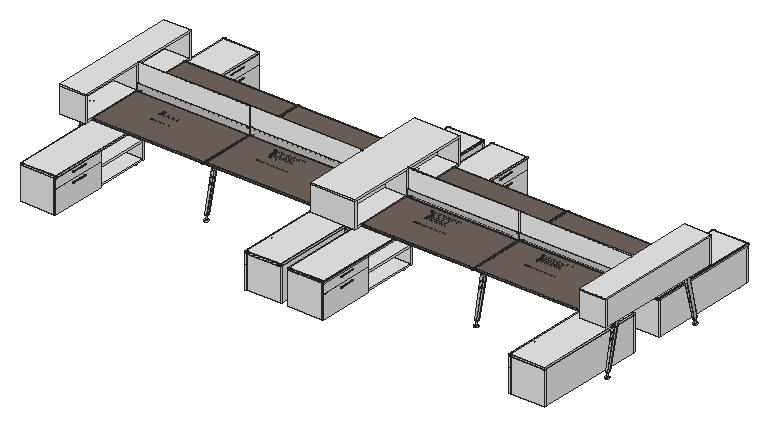
Revit family "T200005", category Furniture, Revit 2015 (continued)
Definition of nested family "OFS_ELEVEN-WORKSPACE_BASES_BENCHING_8-PERSON"
  Definition of nested family "ELEVEN LEG"
    Forms (in)
      Extrusion 6, void
        sketch origin (0.03133, -0.5721, -1.27124) x (0.99863, 0.052336, 0) y (-0.010881, 0.207627, 0.978148)
          loop
            line (-0.99645, 2.45043) -> (-1.05658, 2.45043) -> (-1.05658, 2.21851) -> (-0.84012, 2.21851) -> (-0.84012, 2.2941)
        from 6.35623 to 8.07576
      Sweep 7, void
        path origin (1.02082, 0.02558, 0.06147) x (0.052336, 0.99863, 0) y (0, 0, -1)
          loop
            line (-7.73773, -2.3968) -> (-2.45457, -26.00456)
            arc (-2.45457, -26.00456) -> (-1.80777, -27.08547) -> (-0.64436, -27.56837) r 2.00785
            line (-0.64436, -27.56837) -> (0.10564, -27.56837)
        profile origin (0.75411, -5.06358, 14.26215) x (0.051073, 0.974525, -0.218387) y (-0.99863, 0.052336, 0)
          loop
            arc (0.08078, -0.00953) -> (0.0083, 0.03665) -> (-0.03788, 0.10913) r 0.19851
            line (-0.03788, 0.10913) -> (-0.03788, -0.00953) -> (0.08078, -0.00953)
      Sweep 8, void
        path origin (0.98379, -0.00999, 0.06266) x (0.052336, 0.99863, 0) y (0, 0, -1)
          loop
            line (0.07702, -25.70884) -> (-0.39424, -25.70884)
            arc (-0.39424, -25.70884) -> (-0.73077, -25.582) -> (-0.93435, -25.28553) r 0.60014
            line (-0.93435, -25.28553) -> (-6.60947, -2.12206)
        profile origin (0.97549, -0.16838, 25.7715) x (0, 0, 1) y (-0.99863, 0.052336, 0)
          loop
            line (-0.04805, -0.04527) -> (0.11311, -0.04527) -> (0.11311, -0.0145)
            arc (0.11311, -0.0145) -> (0.02138, 0.02536) -> (-0.0146, 0.11869) r 0.1295
            line (-0.0146, 0.11869) -> (-0.04805, 0.11869) -> (-0.04805, -0.04527)
      Extrusion 9, void
        sketch origin (-0.03133, -0.5721, -1.27124) x (-0.99863, 0.052336, 0) y (-0.010881, -0.207627, -0.978148)
          loop
            line (-0.84012, -2.2941) -> (-0.84012, -2.21851) -> (-1.05658, -2.21851) -> (-1.05658, -2.45043) -> (-0.99645, -2.45043)
            arc (-0.99645, -2.45043) -> (-0.95067, -2.33989) -> (-0.84012, -2.2941) r 0.15633
        from 6.35623 to 8.07576
      Revolve 10, solid
        sketch origin (0, 1.76013, -1.54718) x (0, 0.976296, -0.21644) y (0, 0.21644, 0.976296)
          loop
            line (-9.54467, -0.04032) -> (-9.46499, -0.04032) -> (-9.22467, 0.2) -> (-9.22467, 2.01059) -> (-9.54467, 2.01059) -> (-9.54467, -0.04032)
          axis (-9.54467, 2.01059) -> (-9.54467, -0.04032)
        angle from 0 to 360
      Revolve 11, solid
        sketch origin (0, -9.99377, 0) x (0, 1, 0) y (0, 0, 1)
          loop
            line (2.39009, 0.51212) -> (2.12518, 0.51212) -> (2.10358, 0.25657) -> (2.06791, 0.2209) -> (1.36379, 0.07702) -> (1.32819, 0) -> (2.39009, 0) -> (2.39009, 0.51212)
          axis (2.39009, 0.51212) -> (2.39009, 0)
        angle from 0 to 360
      Extrusion 12, void
        sketch origin (-0.98432, 0, 0.07266) x (0, 1, 0) y (0, 0, 1)
          loop
            arc (-4.44434, 15.76077) -> (-4.39071, 13.76854) -> (-4.11245, 11.79511) r 17.62049
            line (-4.11245, 11.79511) -> (-0.50687, 25.63593) -> (-1.15744, 25.63593)
            arc (-1.15744, 25.63593) -> (-2.00412, 25.32511) -> (-2.47781, 24.55759) r 1.37956
            line (-2.47781, 24.55759) -> (-4.44434, 15.76077)
        from 0.4065 to 1.56213
    Cuts and joins
      Sweep 2, Extrusion 3, Sweep 4, Sweep 5, Extrusion 6, Sweep 7, Sweep 8, Extrusion 9, Extrusion 12 cuts Extrusion 1
    Dimensions and locks (in)
      aligned and locked: plane 2 to level
Definition of nested family "OFS_ELEVEN-WORKSPACE_FLOOR_STORAGE_B-F_LEFT_OPEN_FSL"
  Parameters (values of type "ELEVEN-WRKSPC_ENW-4819FSL_FLOOR_STORAGE_B-F_LEFT_OPEN")
    11 FLR STRG BOX = none
    11 FLR STRG PULL = none
    11 FLR STRG FILE = none
    11 FLR STRG FIN = none
    URL = "http://www.ofs.com/products/benching/eleven_work_space"
    PED WIDTH = 24"
    MODEL NUMBER = "ENW-4819FSL"
    ENVIRONMENTAL = "http://www.ofs.com/about/environment"
    Model = ""
    Manufacturer = "OFS-ELEVEN WORKSPACE"
    MANUFACTURERS' CODE = "OFS"
    Description = "ELEVEN WORKSPACE FLOOR STORAGE BOX/FILE/OPEN 48 X 19"
    CABINET WIDTH = 48"
    CATALOG CODE = "OFB"
    Assembly Code = ""
  Types (3): name | PED WIDTH | MODEL NUMBER | Description | CABINET WIDTH
    ELEVEN-WRKSPC_ENW-3619FSL_FLOOR_STORAGE_B-F_LEFT_OPEN | 15 5/8" | "ENW-3619FSL" | "ELEVEN WORKSPACE FLOOR STORAGE BOX/FILE/OPEN 36 X 19" | 36"
    ELEVEN-WRKSPC_ENW-4819FSL_FLOOR_STORAGE_B-F_LEFT_OPEN | 24" | "ENW-4819FSL" | "ELEVEN WORKSPACE FLOOR STORAGE BOX/FILE/OPEN 48 X 19" | 48"
    ELEVEN-WRKSPC_ENW-6019FSL_FLOOR_STORAGE_B-F_LEFT_OPEN | 30" | "ENW-6019FSL" | "ELEVEN WORKSPACE FLOOR STORAGE BOX/FILE/OPEN 60 X 19" | 60"
  Reference planes (in)
    plane 1: z = 0
    plane 2 "Center Left/Right": x = 0
    plane 3 "Left": x = -24
    plane 4 "Right": x = 24
    plane 5 "CENTER FRONT/BACK": y = 1.62535
    plane 6 "PED BOTTOM": z = 2
    plane 7 "PED TOP": z = 20.563
    plane 8: y = 11.12535
    plane 9: y = -7.87465
    plane 10: z = 19.5
    plane 11: x = -23.875
    plane 12: y = -7.74965
    plane 13: x = 23.875
    plane 14: y = -6.99965
    plane 15: y = 10.37535
    plane 16: z = 19.375
    plane 17: z = 14.375
    plane 18: x = -0.063
    plane 19: z = 11.563
    plane 20: z = 14.25
    plane 21: x = -12.0315
    plane 22: z = 0.5
    plane 23: y = 9.62585
    plane 24: y = -5.50015
    plane 25: x = 20.875
    plane 26: x = -20.875
    plane 27: x = 0
  Forms (in)
    Extrusion 1, solid, material <- "11 FLR STRG FIN"
      sketch origin (0, 0, 2) x (-1, 0, 0) y (0, -1, 0)
        loop
          line (24, 6.99965) -> (23.25, 6.99965) -> (23.25, -11.12535) -> (24, -11.12535) -> (24, 6.99965)
      from 0 to 17.5
    Extrusion 2, solid, material <- "11 FLR STRG FIN"
      sketch origin (23, 0, 2) x (-1, 0, 0) y (0, -1, 0)
        loop
          line (-0.25, 6.99965) -> (-1, 6.99965) -> (-1, -11.12535) -> (-0.25, -11.12535) -> (-0.25, 6.99965)
      from 0 to 17.5
    Extrusion 3, solid, material <- "11 FLR STRG FIN"
      sketch origin (0, 0, -14.13) x (0, 1, 0) y (0, 0, 1)
        loop
          line (10.37535, 16.13) -> (10.37535, 16.88) -> (-6.99965, 16.88) -> (-6.99965, 16.13) -> (10.37535, 16.13)
      from -23.25 to 23.25
    Extrusion 4, solid, material <- "11 FLR STRG FIN"
      sketch origin (0, 0, -3.13) x (0, 1, 0) y (0, 0, 1)
        loop
          line (11.00035, 22.63) -> (11.00035, 23.693) -> (-7.74965, 23.693) -> (-7.74965, 22.63) -> (11.00035, 22.63)
      from -23.875 to 23.875
    Extrusion 5, solid, material <- "11 FLR STRG FIN"
      sketch origin (0.46388, 8.3757, 2) x (1, 0, 0) y (0, 1, 0)
        loop
          line (22.78612, 1.99965) -> (22.78612, 2.74965) -> (-23.71388, 2.74965) -> (-23.71388, 1.99965) -> (22.78612, 1.99965)
      from 0 to 17.5
    Sweep 6, solid, material <- "11 FLR STRG FIN"
      path origin (0, 0, 20.563) x (-1, 0, 0) y (0, -1, 0)
        loop
          line (23.875, -11.00035) -> (23.875, 7.74965) -> (-23.875, 7.74965) -> (-23.875, -11.00035) -> (23.875, -11.00035)
      profile origin (-23.875, 1.62535, 20.563) x (1, 0, 0) y (0, 0, 1)
        loop
          line (0, -1.063) -> (0, 0)
          arc (0, 0) -> (-0.08839, -0.03661) -> (-0.125, -0.125) r 0.125
          line (-0.125, -0.125) -> (-0.125, -0.938)
          arc (-0.125, -0.938) -> (-0.08839, -1.02639) -> (0, -1.063) r 0.125
    Extrusion 7, solid, material <- "11 FLR STRG BOX"
      sketch origin (0.46388, -11.3743, 2) x (1, 0, 0) y (0, 1, 0)
        loop
          line (-0.52688, 3.62465) -> (-0.52688, 4.37465) -> (-24.46388, 4.37465) -> (-24.46388, 3.62465) -> (-0.52688, 3.62465)
      from 12.375 to 17.375
    Extrusion 8, solid, material <- "11 FLR STRG FIN"
      sketch origin (-8.25, 0, 2) x (-1, 0, 0) y (0, -1, 0)
        loop
          line (-7.5, 6.99965) -> (-8.25, 6.99965) -> (-8.25, -10.37535) -> (-7.5, -10.37535) -> (-7.5, 6.99965)
      from 0.75 to 17.5
    Extrusion 9, solid, material <- "11 FLR STRG FILE"
      sketch origin (3.33736, -11.3743, 1.625) x (1, 0, 0) y (0, 1, 0)
        loop
          line (-3.40036, 3.62465) -> (-3.40036, 4.37465) -> (-27.33736, 4.37465) -> (-27.33736, 3.62465) -> (-3.40036, 3.62465)
      from 0.375 to 12.625
    Extrusion 10, solid, material <- "11 FLR STRG FIN"
      sketch origin (0, 0, -5.38) x (0, 1, 0) y (0, 0, 1)
        loop
          line (10.37535, 16.193) -> (10.37535, 16.943) -> (-6.99965, 16.943) -> (-6.99965, 16.193) -> (10.37535, 16.193)
      from 0 to 23.25
    Extrusion 11, solid, material <- "11 FLR STRG FIN"
      sketch origin (0, 0.4375, 0) x (1, 0, 0) y (0, 1, 0)
        loop
          line (-20.875, 9.18835) -> (-20.875, -5.93765) -> (-19.875, -5.93765) -> (-19.875, 9.18835) -> (-20.875, 9.18835)
      from 0.5 to 2
    Extrusion 12, solid, material <- "11 FLR STRG FIN"
      sketch origin (38.5, 0.4375, 0) x (1, 0, 0) y (0, 1, 0)
        loop
          line (-18.625, 9.18835) -> (-18.625, -5.93765) -> (-17.625, -5.93765) -> (-17.625, 9.18835) -> (-18.625, 9.18835)
      from 0.5 to 2
    Extrusion 13, solid, material <- "11 FLR STRG FIN"
      sketch origin (-9.37535, -18.43715, 0) x (0, -1, 0) y (1, 0, 0)
        loop
          line (-21, 29.25035) -> (-21, -10.49965) -> (-20, -10.49965) -> (-20, 29.25035) -> (-21, 29.25035)
      from 0.5 to 2
    Extrusion 14, solid
      sketch origin (0, 0.4375, 0) x (1, 0, 0) y (0, 1, 0)
        loop
          circle (-20.375, 7.18835) r 0.375
      from 0 to 0.5
    Extrusion 15, solid
      sketch origin (0, 3.6882, 0) x (1, 0, 0) y (0, 1, 0)
        loop
          circle (-20.375, -7.18835) r 0.375
      from 0 to 0.5
    Extrusion 16, solid
      sketch origin (0, 0.4375, 0) x (-1, 0, 0) y (0, -1, 0)
        loop
          circle (-20.375, -7.18835) r 0.375
      from 0 to 0.5
    Extrusion 17, solid
      sketch origin (0, 3.6882, 0) x (-1, 0, 0) y (0, -1, 0)
        loop
          circle (-20.375, 7.18835) r 0.375
      from 0 to 0.5
  Lines and regions (in)
    Masking region 1
      outline origin (0, 0, 2) x (-1, 0, 0) y (0, -1, 0)
        loop
          line (24, -11.12535) -> (24, 7.87465) -> (-24, 7.87465) -> (-24, -11.12535) -> (24, -11.12535)
    Masking region 2
      outline origin (0, 0, 0) x (1, 0, 0) y (0, 1, 0)
        loop
          line (-8.03575, -7.87465) -> (-16.02725, -7.87465) -> (-16.02725, -8.51453)
          arc (-16.02725, -8.51453) -> (-16.01178, -8.55189) -> (-15.97442, -8.56736) r 0.05283
          line (-15.97442, -8.56736) -> (-8.08858, -8.56736)
          arc (-8.08858, -8.56736) -> (-8.05122, -8.55189) -> (-8.03575, -8.51453) r 0.05283
          line (-8.03575, -8.51453) -> (-8.03575, -7.87465)
  Dimensions and locks (in)
    "CABINET WIDTH": plane 3 "Left" to plane 4 "Right"
    locked: plane 7 "PED TOP" to plane 6 "PED BOTTOM" at 18.563
    equal spacing: plane 9, plane 5 "CENTER FRONT/BACK", plane 8, locked at 9.5 each
    locked: Extrusion 3 sketch curve to Extrusion 3 sketch curve at 0.75
    locked: Extrusion 1 sketch curve to Extrusion 1 sketch curve at 0.75
    locked: plane 9 to plane 8 at 19
    locked: Extrusion 5 sketch curve to Extrusion 5 sketch curve at 0.75
    locked: Extrusion 2 sketch curve to Extrusion 2 sketch curve at 0.75
    plane 14 to plane 12 to plane 9 = 3/4" locked, 1/8" locked
    locked: Extrusion 7 sketch curve to Extrusion 7 sketch curve at 0.75
    locked: plane 15 to plane 8 at 0.75
    locked: Extrusion 8 sketch curve to Extrusion 8 sketch curve at 0.75
    locked: Extrusion 9 sketch curve to Extrusion 9 sketch curve at 0.75
    locked: Extrusion 10 sketch curve to Extrusion 10 sketch curve at 0.75
    equal spacing: plane 3 "Left", plane 21, plane 18
    plane 6 "PED BOTTOM" to plane 22 to plane 1 = 1 1/2" locked, 1/2" locked
    plane 25 to plane 13 to plane 4 "Right" = 3" locked, 1/8" locked
    plane 3 "Left" to plane 11 to plane 26 = 1/8" locked, 3" locked
    locked: Extrusion 11 sketch curve to Extrusion 11 sketch curve at 1
    locked: Extrusion 12 sketch curve to Extrusion 12 sketch curve at 1
    locked: Extrusion 13 sketch curve to Extrusion 13 sketch curve at 1
    plane 7 "PED TOP" to plane 10 to plane 16 to plane 17 to plane 20 to plane 19 = 1.063" locked, 1/8" locked, 5" locked, 1/8" locked, 2.687" locked
    locked: plane 18 to plane 27 at 0.063
    "PED WIDTH": plane 3 "Left" to plane 27
    Masking region 2 sketch curve to plane 21 to Masking region 2 sketch curve = 3.99575" locked, 3.99575" locked
    plane 3 "Left" to plane 27 to plane 4 "Right" = 24", 24"
    plane 23 to plane 5 "CENTER FRONT/BACK" to plane 24 = 8.0005" locked, 7.1255" locked
    aligned and locked: level to plane 1
    aligned and locked: plane 4 "Right" to Extrusion 2
    aligned and locked: Extrusion 1 to plane 3 "Left"
    aligned and locked: Masking region 1 to plane 9
    aligned and locked: Extrusion 1 to Extrusion 2
    aligned and locked: Extrusion 4 to plane 10
    aligned and locked: plane 10 to Extrusion 1
    aligned and locked: Extrusion 3 to Extrusion 1
    aligned and locked: Extrusion 4 to plane 12
    aligned and locked: Extrusion 4 to plane 11
    aligned and locked: Extrusion 4 to plane 13
    aligned and locked: Extrusion 7 to plane 12
    aligned and locked: Extrusion 7 to plane 3 "Left"
    aligned and locked: Extrusion 1 to plane 14
    aligned and locked: Extrusion 2 to plane 14
    aligned and locked: Extrusion 3 to plane 14
    aligned and locked: Extrusion 5 to plane 6 "PED BOTTOM"
    aligned and locked: plane 10 to Extrusion 5
    aligned and locked: Extrusion 1 to plane 8
    aligned and locked: Extrusion 2 to plane 8
    aligned and locked: Extrusion 3 to plane 15
    aligned and locked: Extrusion 5 to Extrusion 1
    aligned and locked: Extrusion 5 to Extrusion 2
    aligned and locked: Extrusion 9 to plane 3 "Left"
    aligned and locked: Extrusion 8 to plane 15
    aligned and locked: Extrusion 3 to Extrusion 2
    aligned and locked: plane 18 to Extrusion 7
    aligned and locked: plane 18 to Extrusion 9
    aligned and locked: plane 19 to Extrusion 10
    aligned and locked: plane 16 to Extrusion 7
    aligned and locked: Extrusion 7 to plane 17
    aligned and locked: plane 20 to Extrusion 9
    aligned and locked: plane 10 to Extrusion 8
    aligned and locked: Extrusion 8 to Extrusion 3
    aligned and locked: Extrusion 10 to Extrusion 2
    aligned and locked: plane 6 "PED BOTTOM" to Extrusion 11
    aligned and locked: Extrusion 11 to plane 22
    aligned and locked: plane 25 to Extrusion 12
    aligned and locked: Extrusion 13 to Extrusion 11
    aligned and locked: Extrusion 13 to Extrusion 12
    aligned and locked: plane 22 to Extrusion 14
    aligned and locked: plane 27 to Extrusion 8
    aligned and locked: Extrusion 10 to plane 27
    aligned and locked: plane 6 "PED BOTTOM" to Extrusion 12
    aligned and locked: plane 6 "PED BOTTOM" to Extrusion 13
    aligned and locked: Extrusion 12 to plane 22
    aligned and locked: Extrusion 13 to plane 22
    aligned and locked: plane 22 to Extrusion 16
    aligned and locked: plane 22 to Extrusion 15
    aligned and locked: plane 22 to Extrusion 17
    aligned and locked: Extrusion 9 to plane 6 "PED BOTTOM"
    aligned and locked: plane 21 to nested 1
    aligned and locked: Masking region 2 sketch curve to plane 9
    aligned and locked: nested 1 to plane 12
    aligned and locked: nested 2 to plane 12
    aligned and locked: plane 21 to nested 2
  Automatic sketch dimensions
    Extrusion 1 sketch curve to plane 14 = 0"
    plane 8 to Extrusion 1 sketch curve = 0"
    Extrusion 1 sketch curve to plane 3 "Left" = 0"
    Extrusion 2 sketch curve to plane 4 "Right" = 0"
    plane 8 to Extrusion 2 sketch curve = 0"
    Extrusion 2 sketch curve to plane 14 = 0"
    Masking region 1 sketch curve to plane 4 "Right" = 0"
    Masking region 1 sketch curve to plane 9 = 0"
    Masking region 1 sketch curve to plane 3 "Left" = 0"
    plane 8 to Masking region 1 sketch curve = 0"
    Extrusion 3 sketch curve to plane 6 "PED BOTTOM" = 0"
    Extrusion 3 sketch curve to plane 14 = 0"
    Extrusion 3 sketch curve to plane 15 = 0"
    Extrusion 4 sketch curve to plane 10 = 0"
    Extrusion 4 sketch curve to plane 12 = 0"
    Extrusion 4 sketch curve to plane 7 "PED TOP" = 0"
    plane 8 to Extrusion 4 sketch curve = 1/8"
    plane 15 to Extrusion 5 sketch curve = 0"
    plane 11 to Extrusion 5 sketch curve = 5/8"
    plane 13 to Extrusion 5 sketch curve = 5/8"
    Sweep 6 sketch curve to plane 13 = 0"
    Sweep 6 sketch curve to plane 11 = 0"
    Sweep 6 sketch curve to plane 12 = 0"
    plane 8 to Sweep 6 sketch curve = 1/8"
    Sweep 6 sketch curve to plane 7 "PED TOP" = 0"
    profile plane to Sweep 6 sketch curve = 0"
    profile plane to Sweep 6 sketch curve = 1/8"
    Sweep 6 sketch curve to Sweep 6 sketch curve = 0.813"
    Extrusion 7 sketch curve to plane 3 "Left" = 0"
    Extrusion 7 sketch curve to plane 14 = 0"
    Extrusion 7 sketch curve to plane 18 = 0"
    plane 2 "Center Left/Right" to Extrusion 8 sketch curve = 0"
    plane 15 to Extrusion 8 sketch curve = 0"
    Extrusion 8 sketch curve to plane 14 = 0"
    Extrusion 9 sketch curve to plane 3 "Left" = 0"
    Extrusion 9 sketch curve to plane 14 = 0"
    Extrusion 9 sketch curve to plane 18 = 0"
    Extrusion 10 sketch curve to plane 14 = 0"
    Extrusion 10 sketch curve to plane 15 = 0"
    Extrusion 10 sketch curve to plane 19 = 0"
    Extrusion 11 sketch curve to plane 24 = 0"
    Extrusion 11 sketch curve to plane 26 = 0"
    plane 23 to Extrusion 11 sketch curve = 0"
    Extrusion 12 sketch curve to plane 24 = 0"
    plane 23 to Extrusion 12 sketch curve = 0"
    Extrusion 12 sketch curve to plane 25 = 0"
    Extrusion 13 sketch curve to plane 5 "CENTER FRONT/BACK" = 15/16"
    Extrusion 13 sketch curve to plane 26 = 1"
    Extrusion 13 sketch curve to plane 25 = 1"
    Extrusion 14 sketch curve to plane 26 = 1/2"
    plane 23 to Extrusion 14 sketch curve = 2"
    plane 26 to Extrusion 15 sketch curve = 1/2"
    Extrusion 15 sketch curve to plane 24 = 2"
    plane 25 to Extrusion 16 sketch curve = 1/2"
    Extrusion 16 sketch curve to plane 23 = 2"
    Extrusion 17 sketch curve to plane 25 = 1/2"
    plane 24 to Extrusion 17 sketch curve = 2"
    Masking region 2 sketch curve to Masking region 2 sketch curve = 0.05283"  (x2)
    Masking region 2 sketch curve to plane 9 = 0.63988"
    radius of Extrusion 14 sketch curve = 3/8"
    radius of Extrusion 15 sketch curve = 3/8"
    radius of Extrusion 16 sketch curve = 3/8"
    radius of Extrusion 17 sketch curve = 3/8"
  Nested families (in)
    nested 1: "11-PULL" at (-12.0315, -7.74965, 18.305), type "11-PULL"
    nested 2: "11-PULL" at (-12.0315, -7.74965, 13.18), type "11-PULL"
  Definition of nested family "11-PULL"
    Parameters
      PULL FIN = none
    Reference planes (in)
      plane 1 "Center (Front/Back)": y = 0
      plane 2: z = 0
      plane 3 "Center (Left/Right)": x = 0
    Forms (in)
      Sweep 1, solid
        path origin (0, 0, 0) x (1, 0, 0) y (0, 1, 0)
          loop
            line (-3.96875, 0) -> (-3.96875, -0.76401)
            arc (-3.96875, -0.76401) -> (-3.96084, -0.7831) -> (-3.94175, -0.79101) r 0.027
            line (-3.94175, -0.79101) -> (3.94175, -0.79101)
            arc (3.94175, -0.79101) -> (3.96084, -0.7831) -> (3.96875, -0.76401) r 0.027
            line (3.96875, -0.76401) -> (3.96875, 0)
        profile origin (-3.96875, -0.382, 0) x (1, 0, 0) y (0, 0, 1)
          loop
            line (-0.027, -0.027) -> (-0.027, -0.3135)
            arc (-0.027, -0.3135) -> (-0.01909, -0.33259) -> (0, -0.3405) r 0.027
            line (0, -0.3405) -> (0, 0)
            arc (0, 0) -> (-0.01909, -0.00791) -> (-0.027, -0.027) r 0.027
      Extrusion 2, solid
        sketch origin (0, 0, 0) x (0, 1, 0) y (0, 0, 1)
          loop
            line (-0.6775, -0.3405) -> (-0.7475, -0.3405)
            arc (-0.7475, -0.3405) -> (-0.7125, -0.36904) -> (-0.6775, -0.3405) r 0.03573
        from -3.89872 to 3.89875
      Extrusion 3, void
        sketch origin (0, 0, 0) x (1, 0, 0) y (0, 0, 1)
          loop
            line (3.89875, -0.3405) -> (3.87415, -0.36982) -> (3.89875, -0.39047) -> (3.89875, -0.3405)
        from 0.6775 to 0.7475
      Extrusion 4, void
        sketch origin (0, 0, 0) x (-1, 0, 0) y (0, 0, -1)
          loop
            line (3.89875, 0.3405) -> (3.89875, 0.39047) -> (3.87415, 0.36982) -> (3.89875, 0.3405)
        from 0.6775 to 0.7475
      Extrusion 5, solid
        sketch origin (0, 0, 0) x (1, 0, 0) y (0, 0, 1)
          loop
            line (3.44075, -0.1195) -> (3.69498, -0.3405) -> (3.96875, -0.3405) -> (3.96875, 0) -> (-3.96875, 0) -> (-3.96875, -0.3405) -> (-3.69498, -0.3405) -> (-3.44075, -0.1195) -> (3.44075, -0.1195)
        from 0 to 0.764
      Extrusion 6, solid
        sketch origin (0, 0, 0) x (0, 1, 0) y (0, 0, 1)
          loop
            line (-0.764, -0.3405) -> (-0.6775, -0.3405) -> (-0.4275, -0.1195) -> (-0.764, -0.1195) -> (-0.764, -0.3405)
        from -3.94175 to 3.94175
      Extrusion 7, solid
        sketch origin (0, 0, 0) x (1, 0, 0) y (0, 1, 0)
          loop
            line (3.96875, -0.764) -> (-3.96876, -0.764)
            arc (-3.96876, -0.764) -> (-3.96085, -0.7831) -> (-3.94175, -0.79101) r 0.02701
            line (-3.94175, -0.79101) -> (3.94174, -0.79101)
            arc (3.94174, -0.79101) -> (3.96084, -0.7831) -> (3.96875, -0.764) r 0.02701
        from -0.3405 to 0
    Cuts and joins
      Extrusion 3, Extrusion 4 cuts Extrusion 2
      joined: Sweep 1, Extrusion 2, Extrusion 5, Extrusion 6, Extrusion 7
    Dimensions and locks (in)
      aligned and locked: level to plane 2
      aligned and locked: Extrusion 2 sketch curve to Sweep 1
      aligned and locked: Extrusion 5 to Sweep 1
      aligned and locked: cut or joined group of Sweep 1, Extrusion 2, Extrusion 3, Extrusion 4, Extrusion 5, Extrusion 6, Extrusion 7 to cut or joined group of Sweep 1, Extrusion 2, Extrusion 3, Extrusion 4, Extrusion 5, Extrusion 6, Extrusion 7
      aligned and locked: cut or joined group of Sweep 1, Extrusion 2, Extrusion 3, Extrusion 4, Extrusion 5, Extrusion 6, Extrusion 7 to Extrusion 7
      aligned and locked: level to Extrusion 7
Definition of nested family "OFS_ELEVEN-WORKSPACE_FLOOR_STORAGE_B-F_RIGHT_OPEN_FSR"
  Parameters (values of type "ELEVEN-WRKSPC_ENW-4819FSR_FLOOR_STORAGE_B-F_RIGHT_OPEN")
    MODEL NUMBER = "ENW-4819FSR"
    11 FLR STRG BOX = none
    11 FLR STRG PULL = none
    11 FLR STRG FILE = none
    11 FLR STRG FIN = none
    URL = "http://www.ofs.com/products/benching/eleven_work_space"
    PED WIDTH = 24"
    ENVIRONMENTAL = "http://www.ofs.com/about/environment"
    Model = ""
    Manufacturer = "OFS-ELEVEN WORKSPACE"
    MANUFACTURERS' CODE = "OFS"
    Description = "ELEVEN WORKSPACE FLOOR STORAGE BOX/FILE/OPEN 48 X 19"
    CABINET WIDTH = 48"
    CATALOG CODE = "OFB"
    Assembly Code = ""
  Types (3): name | MODEL NUMBER | PED WIDTH | Description | CABINET WIDTH
    ELEVEN-WRKSPC_ENW-3619FSR_FLOOR_STORAGE_B-F_RIGHT_OPEN | "ENW-3619FSR" | 15 5/8" | "ELEVEN WORKSPACE FLOOR STORAGE BOX/FILE/OPEN R 36 X 19" | 36"
    ELEVEN-WRKSPC_ENW-4819FSR_FLOOR_STORAGE_B-F_RIGHT_OPEN | "ENW-4819FSR" | 24" | "ELEVEN WORKSPACE FLOOR STORAGE BOX/FILE/OPEN 48 X 19" | 48"
    ELEVEN-WRKSPC_ENW-6019FSR_FLOOR_STORAGE_B-F_RIGHT_OPEN | "ENW-6019FSR" | 30" | "ELEVEN WORKSPACE FLOOR STORAGE BOX/FILE/OPEN 60 X 19" | 60"
  Reference planes (in)
    plane 1: z = 0
    plane 2 "Center Left/Right": x = 0
    plane 3 "Left": x = -24
    plane 4 "Right": x = 24
    plane 5 "CENTER FRONT/BACK": y = 1.62535
    plane 6 "PED BOTTOM": z = 2
    plane 7 "PED TOP": z = 20.563
    plane 8: y = 11.12535
    plane 9: y = -7.87465
    plane 10: z = 19.5
    plane 11: x = -23.875
    plane 12: y = -7.74965
    plane 13: x = 23.875
    plane 14: y = -6.99965
    plane 15: y = 10.37535
    plane 16: z = 19.375
    plane 17: z = 14.375
    plane 18: z = 11.25
    plane 19: z = 14.25
    plane 20: z = 0.5
    plane 21: y = 9.62535
    plane 22: y = -5.49965
    plane 23: x = 20.875
    plane 24: x = -20.875
    plane 25: x = 0.063
    plane 26: x = 12.0315
    plane 27: x = 0
  Forms (in)
    Extrusion 1, solid, material <- "11 FLR STRG FIN"
      sketch origin (0, 0, 2) x (-1, 0, 0) y (0, -1, 0)
        loop
          line (24, 6.99965) -> (23.25, 6.99965) -> (23.25, -11.12535) -> (24, -11.12535) -> (24, 6.99965)
      from 0 to 17.5
    Extrusion 2, solid, material <- "11 FLR STRG FIN"
      sketch origin (23, 0, 2) x (-1, 0, 0) y (0, -1, 0)
        loop
          line (-0.25, 6.99965) -> (-1, 6.99965) -> (-1, -11.12535) -> (-0.25, -11.12535) -> (-0.25, 6.99965)
      from 0 to 17.5
    Extrusion 3, solid, material <- "11 FLR STRG FIN"
      sketch origin (0, 0, -14.13) x (0, 1, 0) y (0, 0, 1)
        loop
          line (10.37535, 16.13) -> (10.37535, 16.88) -> (-6.99965, 16.88) -> (-6.99965, 16.13) -> (10.37535, 16.13)
      from -23.25 to 23.25
    Extrusion 4, solid, material <- "11 FLR STRG FIN"
      sketch origin (0, 0, -3.13) x (0, 1, 0) y (0, 0, 1)
        loop
          line (11.00035, 22.63) -> (11.00035, 23.693) -> (-7.74965, 23.693) -> (-7.74965, 22.63) -> (11.00035, 22.63)
      from -23.875 to 23.875
    Extrusion 5, solid, material <- "11 FLR STRG FIN"
      sketch origin (0.46388, 8.3757, 2) x (1, 0, 0) y (0, 1, 0)
        loop
          line (22.78612, 1.99965) -> (22.78612, 2.74965) -> (-23.71388, 2.74965) -> (-23.71388, 1.99965) -> (22.78612, 1.99965)
      from 0 to 17.5
    Sweep 6, solid, material <- "11 FLR STRG FIN"
      path origin (0, 0, 20.563) x (-1, 0, 0) y (0, -1, 0)
        loop
          line (23.875, -11.00035) -> (23.875, 7.74965) -> (-23.875, 7.74965) -> (-23.875, -11.00035) -> (23.875, -11.00035)
      profile origin (-23.875, 1.62535, 20.563) x (1, 0, 0) y (0, 0, 1)
        loop
          line (0, -1.063) -> (0, 0)
          arc (0, 0) -> (-0.08839, -0.03661) -> (-0.125, -0.125) r 0.125
          line (-0.125, -0.125) -> (-0.125, -0.938)
          arc (-0.125, -0.938) -> (-0.08839, -1.02639) -> (0, -1.063) r 0.125
    Extrusion 7, solid, material <- "11 FLR STRG BOX"
      sketch origin (0.46388, -11.3743, 2) x (1, 0, 0) y (0, 1, 0)
        loop
          line (23.53612, 3.62465) -> (23.53612, 4.37465) -> (-0.40088, 4.37465) -> (-0.40088, 3.62465) -> (23.53612, 3.62465)
      from 12.375 to 17.375
    Extrusion 8, solid, material <- "11 FLR STRG FIN"
      sketch origin (9.125, 0, 2) x (-1, 0, 0) y (0, -1, 0)
        loop
          line (9.125, 6.99965) -> (8.375, 6.99965) -> (8.375, -10.37535) -> (9.125, -10.37535) -> (9.125, 6.99965)
      from 0.75 to 17.5
    Extrusion 9, solid, material <- "11 FLR STRG FILE"
      sketch origin (3.33736, -11.3743, 1.625) x (1, 0, 0) y (0, 1, 0)
        loop
          line (20.66264, 3.62465) -> (20.66264, 4.37465) -> (-3.27436, 4.37465) -> (-3.27436, 3.62465) -> (20.66264, 3.62465)
      from 0.375 to 12.625
    Extrusion 10, solid, material <- "11 FLR STRG FIN"
      sketch origin (0, 0, -5.38) x (0, 1, 0) y (0, 0, 1)
        loop
          line (10.37535, 15.88) -> (10.37535, 16.63) -> (-6.99965, 16.63) -> (-6.99965, 15.88) -> (10.37535, 15.88)
      from -23.25 to 0
    Extrusion 11, solid, material <- "11 FLR STRG FIN"
      sketch origin (0, 0, 0) x (1, 0, 0) y (0, 1, 0)
        loop
          line (-20.875, 9.62535) -> (-20.875, -5.49965) -> (-19.875, -5.49965) -> (-19.875, 9.62535) -> (-20.875, 9.62535)
      from 0.5 to 2
    Extrusion 12, solid, material <- "11 FLR STRG FIN"
      sketch origin (38.5, 0, 0) x (1, 0, 0) y (0, 1, 0)
        loop
          line (-18.625, 9.62535) -> (-18.625, -5.49965) -> (-17.625, -5.49965) -> (-17.625, 9.62535) -> (-18.625, 9.62535)
      from 0.5 to 2
    Extrusion 13, solid, material <- "11 FLR STRG FIN"
      sketch origin (-9.37535, -18.43715, 0) x (0, -1, 0) y (1, 0, 0)
        loop
          line (-21, 29.25035) -> (-21, -10.49965) -> (-20, -10.49965) -> (-20, 29.25035) -> (-21, 29.25035)
      from 0.5 to 2
    Extrusion 14, solid
      sketch origin (0, 0, 0) x (1, 0, 0) y (0, 1, 0)
        loop
          circle (-20.375, 7.62535) r 0.375
      from 0 to 0.5
    Extrusion 15, solid
      sketch origin (0, 3.2507, 0) x (1, 0, 0) y (0, 1, 0)
        loop
          circle (-20.375, -6.75035) r 0.375
      from 0 to 0.5
    Extrusion 16, solid
      sketch origin (0, 0, 0) x (-1, 0, 0) y (0, -1, 0)
        loop
          circle (-20.375, -7.62535) r 0.375
      from 0 to 0.5
    Extrusion 17, solid
      sketch origin (0, 3.2507, 0) x (-1, 0, 0) y (0, -1, 0)
        loop
          circle (-20.375, 6.75035) r 0.375
      from 0 to 0.5
  Lines and regions (in)
    Masking region 1
      outline origin (0, 0, 2) x (-1, 0, 0) y (0, -1, 0)
        loop
          line (24, -11.12535) -> (24, 7.87465) -> (-24, 7.87465) -> (-24, -11.12535) -> (24, -11.12535)
    Masking region 2
      outline origin (0, 0, 0) x (1, 0, 0) y (0, 1, 0)
        loop
          line (8.03575, -7.87465) -> (8.03575, -8.51423)
          arc (8.03575, -8.51423) -> (8.05138, -8.55196) -> (8.08911, -8.56758) r 0.05336
          line (8.08911, -8.56758) -> (15.97389, -8.56758)
          arc (15.97389, -8.56758) -> (16.01162, -8.55196) -> (16.02725, -8.51423) r 0.05336
          line (16.02725, -8.51423) -> (16.02725, -7.87465) -> (8.03575, -7.87465)
  Dimensions and locks (in)
    "CABINET WIDTH": plane 3 "Left" to plane 4 "Right"
    plane 7 "PED TOP" to plane 6 "PED BOTTOM" = 18.563"
    equal spacing: plane 9, plane 5 "CENTER FRONT/BACK", plane 8, locked at 9.5 each
    equal spacing: plane 3 "Left", plane 2 "Center Left/Right", plane 4 "Right"
    locked: Extrusion 3 sketch curve to Extrusion 3 sketch curve at 0.75
    locked: Extrusion 1 sketch curve to Extrusion 1 sketch curve at 0.75
    locked: plane 9 to plane 8 at 19
    locked: Extrusion 5 sketch curve to Extrusion 5 sketch curve at 0.75
    locked: Extrusion 2 sketch curve to Extrusion 2 sketch curve at 0.75
    plane 14 to plane 12 to plane 9 = 3/4" locked, 1/8" locked
    locked: Extrusion 7 sketch curve to Extrusion 7 sketch curve at 0.75
    locked: plane 15 to plane 8 at 0.75
    locked: Extrusion 8 sketch curve to Extrusion 8 sketch curve at 0.75
    locked: Extrusion 9 sketch curve to Extrusion 9 sketch curve at 0.75
    locked: Extrusion 10 sketch curve to Extrusion 10 sketch curve at 0.75
    plane 6 "PED BOTTOM" to plane 20 to plane 1 = 1 1/2" locked, 1/2" locked
    plane 23 to plane 13 to plane 4 "Right" = 3" locked, 1/8" locked
    plane 3 "Left" to plane 11 to plane 24 = 1/8" locked, 3" locked
    locked: Extrusion 11 sketch curve to Extrusion 11 sketch curve at 1
    locked: Extrusion 12 sketch curve to Extrusion 12 sketch curve at 1
    locked: Extrusion 13 sketch curve to Extrusion 13 sketch curve at 1
    equal spacing: plane 25, plane 26, plane 4 "Right"
    plane 7 "PED TOP" to plane 10 to plane 16 to plane 17 to plane 19 to plane 18 = 1.063" locked, 1/8" locked, 5" locked, 1/8" locked, 3" locked
    plane 22 to plane 5 "CENTER FRONT/BACK" to plane 21 = 7 1/8" locked, 8" locked
    "PED WIDTH": plane 27 to plane 4 "Right"
    locked: plane 27 to plane 25 at 0.063
    Masking region 2 sketch curve to plane 26 to Masking region 2 sketch curve = 3.99575" locked, 3.99575" locked
    aligned and locked: level to plane 1
    aligned and locked: plane 4 "Right" to Extrusion 2
    aligned and locked: Extrusion 1 to plane 3 "Left"
    aligned and locked: Masking region 1 to plane 9
    aligned and locked: Extrusion 1 to Extrusion 2
    aligned and locked: Extrusion 4 to plane 10
    aligned and locked: plane 10 to Extrusion 1
    aligned and locked: Extrusion 3 to Extrusion 1
    aligned and locked: Extrusion 4 to plane 12
    aligned and locked: Extrusion 4 to plane 11
    aligned and locked: Extrusion 4 to plane 13
    aligned and locked: Extrusion 7 to plane 12
    aligned and locked: Extrusion 1 to plane 14
    aligned and locked: Extrusion 2 to plane 14
    aligned and locked: Extrusion 3 to plane 14
    aligned and locked: Extrusion 5 to plane 6 "PED BOTTOM"
    aligned and locked: plane 10 to Extrusion 5
    aligned and locked: Extrusion 1 to plane 8
    aligned and locked: Extrusion 2 to plane 8
    aligned and locked: Extrusion 3 to plane 15
    aligned and locked: Extrusion 5 to Extrusion 1
    aligned and locked: Extrusion 5 to Extrusion 2
    aligned and locked: Extrusion 8 to plane 15
    aligned and locked: Extrusion 3 to Extrusion 2
    aligned and locked: plane 18 to Extrusion 10
    aligned and locked: plane 16 to Extrusion 7
    aligned and locked: Extrusion 7 to plane 17
    aligned and locked: plane 19 to Extrusion 9
    aligned and locked: plane 10 to Extrusion 8
    aligned and locked: Extrusion 8 to Extrusion 3
    aligned and locked: plane 6 "PED BOTTOM" to Extrusion 11
    aligned and locked: Extrusion 11 to plane 20
    aligned and locked: plane 23 to Extrusion 12
    aligned and locked: Extrusion 13 to Extrusion 11
    aligned and locked: Extrusion 13 to Extrusion 12
    aligned and locked: plane 20 to Extrusion 14
    aligned and locked: plane 25 to Extrusion 7
    aligned and locked: plane 25 to Extrusion 9
    aligned and locked: plane 4 "Right" to Extrusion 9
    aligned and locked: plane 4 "Right" to Extrusion 7
    aligned and locked: Extrusion 10 to Extrusion 1
    aligned and locked: plane 27 to Extrusion 8
    aligned and locked: Extrusion 10 to plane 27
    aligned and locked: Extrusion 12 to plane 20
    aligned and locked: plane 20 to Extrusion 15
    aligned and locked: plane 20 to Extrusion 17
    aligned and locked: plane 6 "PED BOTTOM" to Extrusion 12
    aligned and locked: plane 6 "PED BOTTOM" to Extrusion 13
    aligned and locked: Extrusion 13 to plane 20
    aligned and locked: Extrusion 9 to plane 6 "PED BOTTOM"
    aligned and locked: nested 1 to plane 26
    aligned and locked: nested 2 to plane 26
  Automatic sketch dimensions
    Extrusion 1 sketch curve to plane 14 = 0"
    plane 8 to Extrusion 1 sketch curve = 0"
    Extrusion 1 sketch curve to plane 3 "Left" = 0"
    Extrusion 2 sketch curve to plane 4 "Right" = 0"
    plane 8 to Extrusion 2 sketch curve = 0"
    Extrusion 2 sketch curve to plane 14 = 0"
    Masking region 1 sketch curve to plane 4 "Right" = 0"
    Masking region 1 sketch curve to plane 9 = 0"
    Masking region 1 sketch curve to plane 3 "Left" = 0"
    plane 8 to Masking region 1 sketch curve = 0"
    Extrusion 3 sketch curve to plane 6 "PED BOTTOM" = 0"
    Extrusion 3 sketch curve to plane 14 = 0"
    Extrusion 3 sketch curve to plane 15 = 0"
    Extrusion 4 sketch curve to plane 10 = 0"
    Extrusion 4 sketch curve to plane 12 = 0"
    Extrusion 4 sketch curve to plane 7 "PED TOP" = 0"
    plane 8 to Extrusion 4 sketch curve = 1/8"
    plane 15 to Extrusion 5 sketch curve = 0"
    plane 11 to Extrusion 5 sketch curve = 5/8"
    plane 13 to Extrusion 5 sketch curve = 5/8"
    Sweep 6 sketch curve to plane 13 = 0"
    Sweep 6 sketch curve to plane 11 = 0"
    Sweep 6 sketch curve to plane 12 = 0"
    plane 8 to Sweep 6 sketch curve = 1/8"
    Sweep 6 sketch curve to plane 7 "PED TOP" = 0"
    profile plane to Sweep 6 sketch curve = 0"
    profile plane to Sweep 6 sketch curve = 1/8"
    Sweep 6 sketch curve to Sweep 6 sketch curve = 0.813"
    plane 3 "Left" to Extrusion 7 sketch curve = 24.063"
    Extrusion 7 sketch curve to plane 14 = 0"
    plane 2 "Center Left/Right" to Extrusion 8 sketch curve = 3/4"
    plane 15 to Extrusion 8 sketch curve = 0"
    Extrusion 8 sketch curve to plane 14 = 0"
    plane 3 "Left" to Extrusion 9 sketch curve = 24.063"
    Extrusion 9 sketch curve to plane 14 = 0"
    Extrusion 10 sketch curve to plane 14 = 0"
    Extrusion 10 sketch curve to plane 15 = 0"
    Extrusion 10 sketch curve to plane 18 = 0"
    Extrusion 11 sketch curve to plane 22 = 0"
    Extrusion 11 sketch curve to plane 24 = 0"
    plane 21 to Extrusion 11 sketch curve = 0"
    Extrusion 12 sketch curve to plane 22 = 0"
    plane 21 to Extrusion 12 sketch curve = 0"
    Extrusion 12 sketch curve to plane 23 = 0"
    Extrusion 13 sketch curve to plane 5 "CENTER FRONT/BACK" = 15/16"
    Extrusion 13 sketch curve to plane 24 = 1"
    Extrusion 13 sketch curve to plane 23 = 1"
    Extrusion 14 sketch curve to plane 24 = 1/2"
    plane 21 to Extrusion 14 sketch curve = 2"
    plane 24 to Extrusion 15 sketch curve = 1/2"
    Extrusion 15 sketch curve to plane 22 = 2"
    plane 23 to Extrusion 16 sketch curve = 1/2"
    Extrusion 16 sketch curve to plane 21 = 2"
    Extrusion 17 sketch curve to plane 23 = 1/2"
    plane 22 to Extrusion 17 sketch curve = 2"
    plane 2 "Center Left/Right" to Extrusion 7 sketch curve = 24"
    plane 2 "Center Left/Right" to Extrusion 9 sketch curve = 24"
    Masking region 2 sketch curve to plane 9 = 0"
    Masking region 2 sketch curve to Masking region 2 sketch curve = 0.05336"  (x2)
    Masking region 2 sketch curve to plane 9 = 0.63958"
    radius of Extrusion 14 sketch curve = 3/8"
    radius of Extrusion 15 sketch curve = 3/8"
    radius of Extrusion 16 sketch curve = 3/8"
    radius of Extrusion 17 sketch curve = 3/8"
  Nested families (in)
    nested 1: "11-PULL" at (12.0315, -7.74965, 18.30296), type "11-PULL"
    nested 2: "11-PULL" at (12.0315, -7.74965, 13.17796), type "11-PULL"
  Definition of nested family "11-PULL"
    Parameters
      PULL FIN = none
    Reference planes (in)
      plane 1 "Center (Front/Back)": y = 0
      plane 2: z = 0
      plane 3 "Center (Left/Right)": x = 0
    Forms (in)
      Sweep 1, solid
        path origin (0, 0, 0) x (1, 0, 0) y (0, 1, 0)
          loop
            line (-3.96875, 0) -> (-3.96875, -0.76401)
            arc (-3.96875, -0.76401) -> (-3.96084, -0.7831) -> (-3.94175, -0.79101) r 0.027
            line (-3.94175, -0.79101) -> (3.94175, -0.79101)
            arc (3.94175, -0.79101) -> (3.96084, -0.7831) -> (3.96875, -0.76401) r 0.027
            line (3.96875, -0.76401) -> (3.96875, 0)
        profile origin (-3.96875, -0.382, 0) x (1, 0, 0) y (0, 0, 1)
          loop
            line (-0.027, -0.027) -> (-0.027, -0.3135)
            arc (-0.027, -0.3135) -> (-0.01909, -0.33259) -> (0, -0.3405) r 0.027
            line (0, -0.3405) -> (0, 0)
            arc (0, 0) -> (-0.01909, -0.00791) -> (-0.027, -0.027) r 0.027
      Extrusion 2, solid
        sketch origin (0, 0, 0) x (0, 1, 0) y (0, 0, 1)
          loop
            line (-0.6775, -0.3405) -> (-0.7475, -0.3405)
            arc (-0.7475, -0.3405) -> (-0.7125, -0.36904) -> (-0.6775, -0.3405) r 0.03573
        from -3.89872 to 3.89875
      Extrusion 3, void
        sketch origin (0, 0, 0) x (1, 0, 0) y (0, 0, 1)
          loop
            line (3.89875, -0.3405) -> (3.87415, -0.36982) -> (3.89875, -0.39047) -> (3.89875, -0.3405)
        from 0.6775 to 0.7475
      Extrusion 4, void
        sketch origin (0, 0, 0) x (-1, 0, 0) y (0, 0, -1)
          loop
            line (3.89875, 0.3405) -> (3.89875, 0.39047) -> (3.87415, 0.36982) -> (3.89875, 0.3405)
        from 0.6775 to 0.7475
      Extrusion 5, solid
        sketch origin (0, 0, 0) x (1, 0, 0) y (0, 0, 1)
          loop
            line (3.44075, -0.1195) -> (3.69498, -0.3405) -> (3.96875, -0.3405) -> (3.96875, 0) -> (-3.96875, 0) -> (-3.96875, -0.3405) -> (-3.69498, -0.3405) -> (-3.44075, -0.1195) -> (3.44075, -0.1195)
        from 0 to 0.764
      Extrusion 6, solid
        sketch origin (0, 0, 0) x (0, 1, 0) y (0, 0, 1)
          loop
            line (-0.764, -0.3405) -> (-0.6775, -0.3405) -> (-0.4275, -0.1195) -> (-0.764, -0.1195) -> (-0.764, -0.3405)
        from -3.94175 to 3.94175
      Extrusion 7, solid
        sketch origin (0, 0, 0) x (1, 0, 0) y (0, 1, 0)
          loop
            line (3.96875, -0.764) -> (-3.96876, -0.764)
            arc (-3.96876, -0.764) -> (-3.96085, -0.7831) -> (-3.94175, -0.79101) r 0.02701
            line (-3.94175, -0.79101) -> (3.94174, -0.79101)
            arc (3.94174, -0.79101) -> (3.96084, -0.7831) -> (3.96875, -0.764) r 0.02701
        from -0.3405 to 0
    Cuts and joins
      Extrusion 3, Extrusion 4 cuts Extrusion 2
      joined: Sweep 1, Extrusion 2, Extrusion 5, Extrusion 6, Extrusion 7
    Dimensions and locks (in)
      aligned and locked: level to plane 2
      aligned and locked: Extrusion 2 sketch curve to Sweep 1
      aligned and locked: Extrusion 5 to Sweep 1
      aligned and locked: cut or joined group of Sweep 1, Extrusion 2, Extrusion 3, Extrusion 4, Extrusion 5, Extrusion 6, Extrusion 7 to cut or joined group of Sweep 1, Extrusion 2, Extrusion 3, Extrusion 4, Extrusion 5, Extrusion 6, Extrusion 7
      aligned and locked: cut or joined group of Sweep 1, Extrusion 2, Extrusion 3, Extrusion 4, Extrusion 5, Extrusion 6, Extrusion 7 to Extrusion 7
      aligned and locked: level to Extrusion 7
Definition of nested family "OFS_ELEVEN-WORKSPACE_STORAGE_BOX_END_TEAMING"
  Parameters (values of type "ELEVEN-WRKSPC_ENW-8414PSB_STORAGE_BOX_END_TEAMING")
    URL = "http://www.ofs.com/products/benching/eleven_work_space"
    Model = ""
    Manufacturer = "OFS-ELEVEN WORKSPACE"
    MODEL NUMBER = "ENW-8414PSB"
    MANUFACTURERS' CODE = "OFS"
    ENVIRONMENTAL = "http://www.ofs.com/about/environment"
    VERT BOX FINISH = none
    Description = "ELEVEN WORKSPACE TEAMING STORAGE BOX END 84X14"
    SURFACE WIDTH = 84"
    CATALOG CODE = "OFB"
    Assembly Code = ""
    HORZ BOX FIINISH = none
  Types (2): name | MODEL NUMBER | Description | SURFACE WIDTH
    ELEVEN-WRKSPC_ENW-8414PSB_STORAGE_BOX_END_TEAMING | "ENW-8414PSB" | "ELEVEN WORKSPACE TEAMING STORAGE BOX END 84X14" | 84"
    ELEVEN-WRKSPC_ENW-9614PSB_STORAGE_BOX_END_TEAMING | "ENW-9614PSB" | "ELEVEN WORKSPACE TEAMING STORAGE BOX END 96X14" | 96"
  Reference planes (in)
    plane 1: z = -0.125
    plane 2 "LEFT": x = 15.67998
    plane 3 "RIGHT": x = 99.67998
    plane 4 "BACK": y = -0.83365
    plane 5 "FRONT": y = -14.83365
    plane 6: z = 27.625
    plane 7 "SHELF TOP": z = 28.625
    plane 8 "Center Left/Right": x = 57.67998
    plane 9 "Center Front/Back": y = -7.83365
    plane 10: z = 41.625
    plane 11: z = 40.875
    plane 12: x = 16.42998
    plane 13: y = -1.60865
    plane 14: x = 98.92998
  Forms (in)
    Extrusion 1, solid, material <- "HORZ BOX FIINISH"
      sketch origin (27, 0, 17) x (-1, 0, 0) y (0, -1, 0)
        loop
          line (10.57002, 1.60865) -> (10.57002, 14.83365) -> (-71.92998, 14.83365) -> (-71.92998, 1.60865) -> (10.57002, 1.60865)
      from 11.625 to 10.625
    Extrusion 2, solid, material <- "HORZ BOX FIINISH"
      sketch origin (27, 0.6944, 30.25) x (-1, 0, 0) y (0, -1, 0)
        loop
          line (11.32002, 1.52806) -> (11.32002, 15.52806) -> (-72.67998, 15.52806) -> (-72.67998, 1.52806) -> (11.32002, 1.52806)
      from 11.375 to 10.625
    Extrusion 3, solid, material <- "VERT BOX FINISH"
      sketch origin (0, 0, -0.125) x (1, 0, 0) y (0, 1, 0)
        loop
          line (15.67998, -0.83365) -> (15.67998, -14.83365) -> (16.42998, -14.83365) -> (16.42998, -0.83365) -> (15.67998, -0.83365)
      from 41 to 27.75
    Extrusion 4, solid, material <- "VERT BOX FINISH"
      sketch origin (115.35996, 0, -0.125) x (-1, 0, 0) y (0, -1, 0)
        loop
          line (15.67998, 0.83365) -> (16.42998, 0.83365) -> (16.42998, 14.83365) -> (15.67998, 14.83365) -> (15.67998, 0.83365)
      from 41 to 27.75
    Extrusion 5, solid, material <- "VERT BOX FINISH"
      sketch origin (23.625, 0, -0.125) x (1, 0, 0) y (0, 1, 0)
        loop
          line (33.42998, -1.60865) -> (33.42998, -14.83365) -> (34.67998, -14.83365) -> (34.67998, -1.60865) -> (33.42998, -1.60865)
      from 41 to 28.75
    Extrusion 6, solid, material <- "HORZ BOX FIINISH"
      sketch origin (53.63863, 27.97133, -0.125) x (0, -1, 0) y (1, 0, 0)
        loop
          line (28.80498, 45.29135) -> (28.80498, -37.20865) -> (29.57998, -37.20865) -> (29.57998, 45.29135) -> (28.80498, 45.29135)
      from 41 to 27.75
  Lines and regions (in)
    Masking region 1
      outline origin (0, 0, -0.125) x (1, 0, 0) y (0, 1, 0)
        loop
          line (15.67827, -0.83199) -> (15.67827, -14.83199) -> (99.67827, -14.83199) -> (99.67827, -0.83199) -> (15.67827, -0.83199)
  Dimensions and locks (in)
    plane 4 "BACK" to plane 5 "FRONT" = 14"
    "SURFACE WIDTH": plane 2 "LEFT" to plane 3 "RIGHT"
    equal spacing: plane 2 "LEFT", plane 8 "Center Left/Right", plane 3 "RIGHT"
    plane 10 to plane 11 to plane 7 "SHELF TOP" to plane 6 to plane 1 = 3/4" locked, 12 1/4" locked, 1" locked, 27 3/4" locked
    locked: plane 2 "LEFT" to plane 12 at 0.75
    locked: plane 14 to plane 3 "RIGHT" at 0.75
    equal spacing: plane 4 "BACK", plane 9 "Center Front/Back", plane 5 "FRONT", locked at 7 each
    aligned: level to plane 1
    aligned and locked: plane 7 "SHELF TOP" to Extrusion 1
    aligned and locked: Extrusion 1 to plane 6
    aligned and locked: Extrusion 1 to plane 14
    aligned and locked: plane 13 to Extrusion 1
    aligned and locked: Extrusion 1 to plane 12
    aligned and locked: Extrusion 1 to plane 5 "FRONT"
    aligned and locked: plane 4 "BACK" to Extrusion 2
    aligned and locked: plane 10 to Extrusion 2
    aligned and locked: Extrusion 2 to plane 5 "FRONT"
    aligned and locked: Extrusion 2 to plane 2 "LEFT"
    aligned and locked: Extrusion 3 sketch curve to plane 12
    aligned and locked: plane 2 "LEFT" to Extrusion 3 sketch curve
    aligned and locked: Extrusion 3 sketch curve to plane 4 "BACK"
    aligned and locked: plane 5 "FRONT" to Extrusion 3 sketch curve
    aligned and locked: plane 11 to Extrusion 3
    aligned and locked: Extrusion 4 to plane 11
    aligned and locked: plane 6 to Extrusion 4
    aligned and locked: plane 3 "RIGHT" to Extrusion 4
    aligned and locked: plane 14 to Extrusion 4
    aligned and locked: Extrusion 5 sketch curve to plane 13
    aligned and locked: plane 11 to Extrusion 5
    aligned and locked: Extrusion 5 to plane 7 "SHELF TOP"
    aligned and locked: plane 4 "BACK" to Extrusion 6
    aligned and locked: Extrusion 6 to plane 14
    aligned and locked: Extrusion 6 to plane 12
  Automatic sketch dimensions
    Extrusion 1 sketch curve to plane 13 = 0"
    Extrusion 1 sketch curve to plane 14 = 0"
    Extrusion 1 sketch curve to plane 5 "FRONT" = 0"
    Extrusion 1 sketch curve to plane 12 = 0"
    Masking region 1 sketch curve to plane 2 "LEFT" = 0.00171"
    Masking region 1 sketch curve to plane 3 "RIGHT" = 0.00171"
    plane 5 "FRONT" to Masking region 1 sketch curve = 0.00166"
    plane 4 "BACK" to Masking region 1 sketch curve = 0.00166"
    Extrusion 2 sketch curve to plane 3 "RIGHT" = 0"
    Extrusion 2 sketch curve to plane 2 "LEFT" = 0"
    Extrusion 2 sketch curve to plane 4 "BACK" = 0"
    Extrusion 2 sketch curve to plane 5 "FRONT" = 0"
    Extrusion 4 sketch curve to plane 3 "RIGHT" = 0"
    Extrusion 4 sketch curve to plane 5 "FRONT" = 0"
    Extrusion 4 sketch curve to plane 14 = 0"
    Extrusion 4 sketch curve to plane 4 "BACK" = 0"
    Extrusion 5 sketch curve to plane 5 "FRONT" = 0"
    Extrusion 5 sketch curve to plane 8 "Center Left/Right" = 5/8"
    plane 8 "Center Left/Right" to Extrusion 5 sketch curve = 5/8"
    plane 13 to Extrusion 6 sketch curve = 0.775"
    Extrusion 6 sketch curve to Extrusion 6 sketch curve = 0.775"
    plane 2 "LEFT" to Extrusion 6 sketch curve = 3/4"
    plane 8 "Center Left/Right" to Extrusion 6 sketch curve = 41 1/4"
Definition of nested family "OFS_ELEVEN-WORKSPACE_STORAGE_BOX_CENTER_BENCHING"
  Parameters (values of type "ELEVEN-WRKSPC_ENW-5824PSB_STORAGE_BOX_CENTER_BNCHNG")
    URL = "http://www.ofs.com/products/benching/eleven_work_space"
    Model = ""
    Manufacturer = "OFS-ELEVEN WORKSPACE"
    MODEL NUMBER = "ENW-5824PSB"
    MANUFACTURERS' CODE = "OFS"
    ENVIRONMENTAL = "http://www.ofs.com/about/environment"
    VERT BOX FINISH = none
    Description = "ELEVEN WORKSPACE BENCHING STORAGE BOX CENTER 58X24"
    SURFACE WIDTH = 58"
    CATALOG CODE = "OFB"
    Assembly Code = ""
    HORZ BOX FIINISH = none
  Types (2): name | MODEL NUMBER | Description | SURFACE WIDTH
    ELEVEN-WRKSPC_ENW-5824PSB_STORAGE_BOX_CENTER_BNCHNG | "ENW-5824PSB" | "ELEVEN WORKSPACE BENCHING STORAGE BOX CENTER 58X24" | 58"
    ELEVEN-WRKSPC_ENW-7024PSB_STORAGE_BOX_CENTER_BNCHNG | "ENW-7024PSB" | "ELEVEN WORKSPACE BENCHING STORAGE BOX CENTER 70X24" | 70"
  Reference planes (in)
    plane 1: z = -0.125
    plane 2 "LEFT": x = 28.67998
    plane 3 "RIGHT": x = 86.67998
    plane 4 "BACK": y = 5.16635
    plane 5 "FRONT": y = -18.83365
    plane 6: z = 27.625
    plane 7 "SHELF TOP": z = 28.625
    plane 8 "Center Left/Right": x = 57.67998
    plane 9 "Center Front/Back": y = -6.83365
    plane 10: z = 41.625
    plane 11: z = 40.875
    plane 12: x = 29.42998
    plane 13: y = -6.45865
    plane 14: x = 85.92998
    plane 15: y = -7.20865
  Forms (in)
    Extrusion 1, solid, material <- "HORZ BOX FIINISH"
      sketch origin (27, 0, 17) x (-1, 0, 0) y (0, -1, 0)
        loop
          line (-2.42998, -5.16635) -> (-2.42998, 18.83365) -> (-58.92998, 18.83365) -> (-58.92998, -5.16635) -> (-2.42998, -5.16635)
      from 11.625 to 10.625
    Extrusion 2, solid, material <- "HORZ BOX FIINISH"
      sketch origin (27, 0.6944, 30.25) x (-1, 0, 0) y (0, -1, 0)
        loop
          line (-1.67998, -4.47194) -> (-1.67998, 19.52806) -> (-59.67998, 19.52806) -> (-59.67998, -4.47194) -> (-1.67998, -4.47194)
      from 11.375 to 10.625
    Extrusion 3, solid, material <- "VERT BOX FINISH"
      sketch origin (0, 0, -0.125) x (1, 0, 0) y (0, 1, 0)
        loop
          line (28.67998, 5.16635) -> (28.67998, -18.83365) -> (29.42998, -18.83365) -> (29.42998, 5.16635) -> (28.67998, 5.16635)
      from 41 to 27.75
    Extrusion 4, solid, material <- "VERT BOX FINISH"
      sketch origin (115.35996, 0, -0.125) x (-1, 0, 0) y (0, -1, 0)
        loop
          line (28.67998, -5.16635) -> (29.42998, -5.16635) -> (29.42998, 18.83365) -> (28.67998, 18.83365) -> (28.67998, -5.16635)
      from 41 to 27.75
    Extrusion 5, solid, material <- "VERT BOX FINISH"
      sketch origin (23.625, 0, -0.125) x (1, 0, 0) y (0, 1, 0)
        loop
          line (33.42998, -18.83365) -> (34.67998, -18.83365) -> (34.67998, -7.20865) -> (33.42998, -7.20865) -> (33.42998, -18.83365)
      from 41 to 28.75
    Extrusion 6, solid, material <- "HORZ BOX FIINISH"
      sketch origin (53.63863, 16.22133, -0.125) x (0, -1, 0) y (1, 0, 0)
        loop
          line (22.67998, 32.29135) -> (22.67998, -24.20865) -> (23.42998, -24.20865) -> (23.42998, 32.29135) -> (22.67998, 32.29135)
      from 41 to 28.75
    Extrusion 7, solid, material <- "VERT BOX FINISH"
      sketch origin (23.625, -14.41731, -0.125) x (1, 0, 0) y (0, 1, 0)
        loop
          line (33.42998, 19.58365) -> (33.42998, 7.95865) -> (34.67998, 7.95865) -> (34.67998, 19.58365) -> (33.42998, 19.58365)
      from 41 to 28.75
  Lines and regions (in)
    Masking region 1
      outline origin (0, 0, -0.125) x (1, 0, 0) y (0, 1, 0)
        loop
          line (28.67827, 5.16801) -> (28.67827, -18.83199) -> (86.67827, -18.83199) -> (86.67827, 5.16801) -> (28.67827, 5.16801)
  Dimensions and locks (in)
    plane 4 "BACK" to plane 5 "FRONT" = 24"
    "SURFACE WIDTH": plane 2 "LEFT" to plane 3 "RIGHT"
    equal spacing: plane 2 "LEFT", plane 8 "Center Left/Right", plane 3 "RIGHT"
    plane 10 to plane 11 to plane 7 "SHELF TOP" to plane 6 to plane 1 = 3/4" locked, 12 1/4" locked, 1", 27 3/4" locked
    locked: plane 2 "LEFT" to plane 12 at 0.75
    locked: plane 14 to plane 3 "RIGHT" at 0.75
    equal spacing: plane 4 "BACK", plane 9 "Center Front/Back", plane 5 "FRONT"
    aligned: level to plane 1
    aligned and locked: plane 7 "SHELF TOP" to Extrusion 1
    aligned and locked: Extrusion 1 to plane 6
    aligned and locked: Extrusion 1 to plane 14
    aligned and locked: Extrusion 1 to plane 12
    aligned and locked: Extrusion 1 to plane 5 "FRONT"
    aligned and locked: plane 4 "BACK" to Extrusion 2
    aligned and locked: plane 10 to Extrusion 2
    aligned and locked: Extrusion 2 to plane 5 "FRONT"
    aligned and locked: Extrusion 2 to plane 2 "LEFT"
    aligned and locked: Extrusion 3 sketch curve to plane 12
    aligned and locked: plane 2 "LEFT" to Extrusion 3 sketch curve
    aligned and locked: Extrusion 3 sketch curve to plane 4 "BACK"
    aligned and locked: plane 5 "FRONT" to Extrusion 3 sketch curve
    aligned and locked: plane 11 to Extrusion 3
    aligned and locked: plane 11 to Extrusion 4
    aligned and locked: Extrusion 4 to plane 6
    aligned and locked: plane 3 "RIGHT" to Extrusion 4
    aligned and locked: plane 14 to Extrusion 4
    aligned and locked: Extrusion 6 to plane 14
    aligned and locked: Extrusion 6 to plane 12
    aligned and locked: plane 4 "BACK" to Extrusion 1
    aligned and locked: Extrusion 6 to plane 7 "SHELF TOP"
    aligned and locked: plane 13 to Extrusion 6
    aligned and locked: plane 15 to Extrusion 6
    aligned and locked: Extrusion 5 to plane 15
    aligned and locked: Extrusion 5 to plane 5 "FRONT"
    aligned and locked: Extrusion 7 to plane 13
    aligned and locked: plane 4 "BACK" to Extrusion 7
  Automatic sketch dimensions
    Extrusion 1 sketch curve to plane 4 "BACK" = 0"
    Extrusion 1 sketch curve to plane 14 = 0"
    Extrusion 1 sketch curve to plane 5 "FRONT" = 0"
    Extrusion 1 sketch curve to plane 12 = 0"
    Masking region 1 sketch curve to plane 2 "LEFT" = 0.00171"
    Masking region 1 sketch curve to plane 3 "RIGHT" = 0.00171"
    plane 5 "FRONT" to Masking region 1 sketch curve = 0.00166"
    plane 4 "BACK" to Masking region 1 sketch curve = 0.00166"
    Extrusion 2 sketch curve to plane 3 "RIGHT" = 0"
    Extrusion 2 sketch curve to plane 2 "LEFT" = 0"
    Extrusion 2 sketch curve to plane 4 "BACK" = 0"
    Extrusion 2 sketch curve to plane 5 "FRONT" = 0"
    Extrusion 4 sketch curve to plane 3 "RIGHT" = 0"
    Extrusion 4 sketch curve to plane 5 "FRONT" = 0"
    Extrusion 4 sketch curve to plane 14 = 0"
    Extrusion 4 sketch curve to plane 4 "BACK" = 0"
    plane 15 to Extrusion 5 sketch curve = 0"
    Extrusion 5 sketch curve to plane 8 "Center Left/Right" = 5/8"
    plane 8 "Center Left/Right" to Extrusion 5 sketch curve = 5/8"
    plane 5 "FRONT" to Extrusion 5 sketch curve = 0"
    Extrusion 6 sketch curve to plane 13 = 0"
    Extrusion 6 sketch curve to plane 12 = 0"
    plane 15 to Extrusion 6 sketch curve = 0"
    Extrusion 6 sketch curve to plane 14 = 0"
    plane 15 to Extrusion 7 sketch curve = 3/4"
    plane 8 "Center Left/Right" to Extrusion 7 sketch curve = 5/8"
    Extrusion 7 sketch curve to plane 8 "Center Left/Right" = 5/8"
    plane 4 "BACK" to Extrusion 7 sketch curve = 0"
Definition of nested family "OFS ELEMENT OPEN L DESK LEFT AND RIGHT 84in Width 60in Return"
  Parameters (values of type "ELEMENT OPEN L DESK RIGHT RETURN 84in Width 60in Return")
    Worksurface Material = none
    Width = 84"
    URL = "http://www.ofsbrands.com/"
    Transaction Shelf Material = none
    Table Supp from Lateral = 2 5/8"
    Table Supp from Center = 11 1/8"
    Table Depth = 13 1/2"
    Right Return Desk Option = no
    Right Desk Ovelay [instance] = and(Right Return Desk Option, Desk Overlay Option)  # no
    Return Worksurface Width = 22"
    Paper Organizer Material = none
    Paper Organizer Depth = 12 3/4"
    Paper Organizer Clearance = 4 5/8"
    Paper Organizer Board Thickness = 3/4"
    Model = "EL-T84RL60C"
    Manufacturer = "OFS"
    Left Return Desk Option = yes
    Left Desk Overlay [instance] = and(Left Return Desk Option, Desk Overlay Option)  # yes
    Lateral Board Thickness = 1 3/16"
    Height = 45"
    Standoffs Material = none
    Groomet Material = none
    Desk Overlay Thickness = 1/8"
    Desk Overlay Option [instance] = yes
    Desk Overlay Material = none
    Desk Overlay = 6 1/2"
    Description = "OFS BRANDS OFS ELEMENT OPEN L DESK RIGHT RETURN 84\" Width, 84\"W x 34.3125\"D DESK, 60\"W x 22\"D RETURN With Paper Organizer"
    Desk Depth = 34 5/16"
    Depth = 94 5/16"
    Copyright © = "© 2018 OFS BRANDS"
    Catalog = "http://ofs.com/products/casegoods/reception/element"
    Bottom Board Offset = 0"
    Chassis Material = none
    Base Depth = 30"
    Back Board Thickness = 1 3/16"
